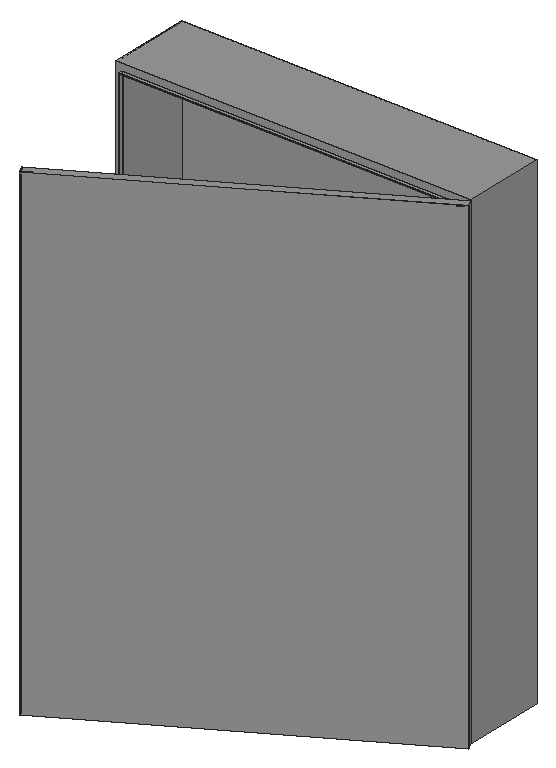
Revit family "Hager-Univers-IP44-D205-H1100-Cl.II-Encl-NoHosted-PL-pl", category Electrical Equipment, Revit 2020
Family settings
  Panel Configuration = Two Columns, Circuits Across
  Round Connector Dimension = Use Diameter
  Part Type = Panelboard
  Work Plane-Based = Yes
  Always vertical = Yes
  Cut with Voids When Loaded = No
  Shared = No
  Room Calculation Point = No
Parameters (values of type "Montaż natynkowy IP44 S800 W1100 G205  - FP73SN2")
  Width Control [instance] = if([EF000008 - Szerokość] > Min Width, [EF000008 - Szerokość], Min Width)  # 800 mm
  Type Comments = [HG000003 - Zakres]  # "Univers"
  Thickness Door [instance] = if([EF009171 - Drzwi/pokrywa z materiału o wysokiej wytrzymałości mechanicznej] > 3 mm, 3 mm, [EF009171 - Drzwi/pokrywa z materiału o wysokiej wytrzymałości mechanicznej])  # 1 mm
  Seal Frame Offset [instance] = 17 mm  # constant formula
  Plinth Visibility [instance] = [HG000027 - Wysokość cokołu] > 0 mm  # no
  Min Width [instance] = 100 mm  # constant formula
  Min Depth [instance] = (2 * [EF009170 - Obudowa z materiału o wysokiej wytrzymałości mechanicznej]) + 1 mm  # 3 mm
  Min Height [instance] = 100 mm  # constant formula
  Internal Frame Depth [instance] = (Door System Depth * 0.5)  # 9 mm
  Panel Name [instance] = ""  # (empty or 0)
  Model = ""
  HG000027 - Wysokość cokołu = 0 mm
  HG000026 - Stojąca = no
  HG000024 - Wysokość części dolnej = 600 mm
  HG000023 - Obudowa dwusekcyjna = no
  HG000016 - Widoczność drzwi w widoku 3D [instance] = yes
  HG000015 - Przestrzeń robocza - otwarcie drzwi [instance] = no
  HG000014 - Drzwi prawe [instance] = yes
  HG000013 - Drzwi lewe [instance] = not([HG000014 - Drzwi prawe])  # no
  HG000012 - Kąt otwarcia drzwi [instance] = 30.00°
  HG000010 - Drzwi asymetryczne = no
  HG000009 - Drzwi dwuskrzydłowe = no
  HG000006 - Montaż podtynkowy = no
  HG000004 - Referencja producenta = "FP73SN2"
  HG000003 - Zakres = "Univers"
  HG000002 - Z drzwiami lub pokrywą = yes
  Frame Offset Bottom [instance] = 10 mm  # constant formula
  Frame Offset [instance] = 15 mm  # constant formula
  EF015940 - Pokrywa z wyzwalaczem nadciśnieniowym = no
  EF011959 - Stopień ochrony (NEMA) = ""
  EF009554 - Liczba otworów pod flansze = 6
  EF009212 - Wykonanie pokrywy = "EV000116 - Zamknięty"
  EF009171 - Drzwi/pokrywa z materiału o wysokiej wytrzymałości mechanicznej = 1 mm
  EF009170 - Obudowa z materiału o wysokiej wytrzymałości mechanicznej = 1 mm
  EF008873 - Prąd znamionowy (In) = 250 A
  EF007800 - Do ochrony odgromowej = no
  EF006306 - Z zamkiem = no
  EF006244 - Transparentna pokrywa/drzwi = no
  EF005474 - Stopień ochrony (IP) = "EV006418 - IP44"
  EF004464 - Rodzaj drzwi = "EV002646 - Pojedynczy"
  EF004427 - Liczba modułów = 252
  EF004293 - Odporność udarowa = "EV006815 - IK09"
  EF003532 - Do zastosowań zewnętrznych = no
  EF002950 - Szerokość wyrażona liczbą modułów = 36
  EF001613 - Podtrzymanie funkcji = "EV000494 - Brak"
  EF001596 - Materiał obudowy = "EV000179 - Stal"
  EF001131 - Głębokość wewnętrzna = 143 mm
  EF001088 - Możliwość rozbudowy = yes
  EF000437 - Liczba wejść kablowych = 6
  EF000339 - Rodzaj pokrywy = "EV001012 - Pokrywa"
  EF000266 - Liczba rzędów = 7
  EF000218 - Głębokość wbudowania = 205 mm
  EF000118 - Z płytą montażową = no
  EF000116 - Numer RAL = "9010"
  EF000049 - Głębokość = 205 mm
  EF000040 - Wysokość = 1100 mm
  EF000008 - Szerokość = 800 mm
  EF000007 - Kolor = "EV000202 - Biały"
  EF000003 - Sposób montażu = "EV000384 - Montaż natynkowy"
  Door System Leaf Tolerance [instance] = 1.5 mm  # constant formula
  Door System Depth [instance] = 18 mm  # constant formula
  Door Height [instance] = Height Control - [HG000027 - Wysokość cokołu]  # 1100 mm
  Description = ""
  Default Elevation = 1219.2 mm
  Connector Offset [instance] = Height Control / 2  # 550 mm
  Manufacturer = "Hager"  # constant formula
  Height Control [instance] = if([EF000040 - Wysokość] > Min Height, [EF000040 - Wysokość], Min Height)  # 1100 mm
  Depth Control [instance] = if([EF000049 - Głębokość] > Min Depth, [EF000049 - Głębokość], Min Depth)  # 205 mm
  Bottom Top Plate Trim [instance] = 1.5 mm  # constant formula
  Plinth height Ctrl [instance] = if([HG000027 - Wysokość cokołu] > 0 mm, [HG000027 - Wysokość cokołu], 12 mm)  # 12 mm
Types (5, lengths in mm): name | Width Control | HG000010 - Drzwi asymetryczne | HG000009 - Drzwi dwuskrzydłowe | HG000004 - Referencja producenta | EF009554 - Liczba otworów pod flansze | EF004464 - Rodzaj drzwi | EF004427 - Liczba modułów | EF002950 - Szerokość wyrażona liczbą modułów | EF000437 - Liczba wejść kablowych | EF000008 - Szerokość
  Montaż natynkowy IP44 S1050 W1100 G205  - FP74SN2 | 1050 | no | yes | "FP74SN2" | 8 | "EV003602 - Podwójny" | 336 | 48 | 8 | 1050
  Montaż natynkowy IP44 S1300 W1100 G205  - FP75SN2 | 1300 | yes | yes | "FP75SN2" | 10 | "EV003602 - Podwójny" | 420 | 60 | 10 | 1300
  Montaż natynkowy IP44 S300 W1100 G205  - FP71SN2 | 300 | no | no | "FP71SN2" | 2 | "EV002646 - Pojedynczy" | 84 | 12 | 2 | 300
  Montaż natynkowy IP44 S550 W1100 G205  - FP72SN2 | 550 | no | no | "FP72SN2" | 4 | "EV002646 - Pojedynczy" | 168 | 24 | 4 | 550
  Montaż natynkowy IP44 S800 W1100 G205  - FP73SN2 | 800 | no | no | "FP73SN2" | 6 | "EV002646 - Pojedynczy" | 252 | 36 | 6 | 800
Reference planes
  plane 1 "Center (Front/Back)": y = 0
  plane 2: z = 0
  plane 3 "Center (Left/Right)": x = 0
  plane 4: y = 0
  plane 5: y = 0
  plane 6: z = 0
  plane 7: x = -400
  plane 8: x = 400
  plane 9: x = 399
  plane 10: x = -399
  plane 11: z = 0
  plane 12: z = 1
  plane 13: y = -205
  plane 14: y = -1
  plane 15: x = 0
  plane 16: y = -187
  plane 17: y = -204
  plane 18: y = -186
  plane 19: x = -384
  plane 20: x = 384
  plane 21: z = 11
  plane 22: x = -383
  plane 23: x = 383
  plane 24: z = 0
  plane 25: z = 1100
  plane 26: z = 1100
  plane 27: z = 1084
  plane 28: z = 1099
Forms (mm)
  Extrusion 1, solid, material "Hager_Steel_RAL7035_Light_Grey", detail levels medium+fine
    sketch origin (-208.679, -4572, 0) x (-1, 0, 0) y (0, -1, 0)
      loop
        line (191.321, -4385) -> (-608.679, -4385) -> (-608.679, -4572) -> (191.321, -4572) -> (191.321, -4385)
    from 0 to 1100
  Extrusion 2, void
    sketch origin (-350.771, -205, 1219.2) x (1, 0, 0) y (0, 0, 1)
      loop
        line (-48.229, -120.2) -> (-48.229, -1218.2) -> (749.771, -1218.2) -> (749.771, -120.2) -> (-48.229, -120.2)
    from -19 to -204
  Extrusion 3, void
    sketch origin (-290.084, -187, 1219.2) x (1, 0, 0) y (0, 0, 1)
      loop
        line (-93.916, -1208.2) -> (674.084, -1208.2) -> (674.084, -135.2) -> (-93.916, -135.2) -> (-93.916, -1208.2)
    from 0 to -1
  Extrusion 4, solid, material "Hager_Steel_RAL7035_Light_Grey", visible <- "Plinth Visibility", detail levels medium+fine
    sketch origin (0, 0, 0) x (1, 0, 0) y (0, 1, 0)
      loop
        line (-400, 0) -> (-400, -187) -> (400, -187) -> (400, 0) -> (-400, 0)
    from 0 to 12 <- "Plinth height Ctrl"
  Extrusion 5, solid, material "Hager_Steel_RAL7035_Light_Grey", detail levels coarse
    sketch origin (0, 0, 0) x (1, 0, 0) y (0, 1, 0)
      loop
        line (-400, 0) -> (-400, -205) -> (400, -205) -> (400, 0) -> (-400, 0)
    from 0 to 1100 <- "Height Control"
  Sweep 6, void
    path in 3D
      loop
        line (-400, -187, 12) -> (400, -187, 12) -> (400, 0, 12) -> (-400, 0, 12) -> (-400, -187, 12)
    profile origin (-400, -93.5, 12) x (1, 0, 0) y (0, 0, 1)
      loop
        line (0, 0) -> (0, -1.5) -> (1.5, -1.5)
        arc (1.5, -1.5) -> (1.061, -0.439) -> (0, 0) r 1.5
  Extrusion 7, solid, material "Hager_Steel_RAL7035_Light_Grey", detail levels fine
    sketch origin (-400, -187, 0) x (1, 0, 0) y (0, 0, 1)
      loop
        line (16, 11) -> (784, 11) -> (784, 1084) -> (16, 1084) -> (16, 11)
      loop
        line (15, 10) -> (785, 10) -> (785, 1085) -> (15, 1085) -> (15, 10)
    from 0 to 9 <- "Internal Frame Depth"
Cuts and joins
  Extrusion 2, Extrusion 3 cuts Extrusion 1
  Sweep 6 cuts Extrusion 4
Lines and regions (mm)
  Masking region 1
    outline origin (0, 0, 0) x (1, 0, 0) y (0, 1, 0)
      loop
        line (-400, 0) -> (-400, -205) -> (400, -205) -> (400, 0) -> (-400, 0)
  Masking region 2, detail levels coarse
    outline origin (-290.084, -187, 1219.2) x (-1, 0, 0) y (0, 0, 1)
      loop
        line (-690.084, -1219.2) -> (109.916, -1219.2) -> (109.916, -119.2) -> (-690.084, -119.2) -> (-690.084, -1219.2)
  Masking region 3, detail levels coarse
    outline origin (0, 0, 0) x (0, 1, 0) y (0, 0, 1)
      loop
        line (0, 0) -> (0, 1100) -> (-205, 1100) -> (-205, 0) -> (0, 0)
  Masking region 4, visible <- "Plinth Visibility", detail levels medium+fine
    outline origin (0, 0, 0) x (0, 1, 0) y (0, 0, 1)
      loop
        line (-1.5, 12) -> (-185.5, 12)
        arc (-185.5, 12) -> (-185.939, 10.939) -> (-187, 10.5) r 1.5
        line (-187, 10.5) -> (-187, 0) -> (0, 0) -> (0, 10.5)
        arc (0, 10.5) -> (-1.061, 10.939) -> (-1.5, 12) r 1.5
  Masking region 5, detail levels medium+fine
    outline origin (0, 0, 594.038) x (0, 1, 0) y (0, 0, 1)
      loop
        line (0, -594.038) -> (0, 505.962) -> (-187, 505.962) -> (-187, -594.038) -> (0, -594.038)
  Masking region 6, detail levels medium+fine
    outline origin (-359.7, -187, 1211.883) x (-1, 0, 0) y (0, 0, 1)
      loop
        line (-759.7, -1211.883) -> (40.3, -1211.883) -> (40.3, -111.883) -> (-759.7, -111.883) -> (-759.7, -1211.883)
  Masking region 7, visible <- "Plinth Visibility", detail levels medium+fine
    outline origin (-320.334, -187, 1041.368) x (-1, 0, 0) y (0, 0, 1)
      loop
        line (-720.334, -1041.368) -> (79.666, -1041.368) -> (79.666, -1030.868)
        arc (79.666, -1030.868) -> (78.606, -1030.429) -> (78.166, -1029.368) r 1.5
        line (78.166, -1029.368) -> (-718.834, -1029.368)
        arc (-718.834, -1029.368) -> (-719.273, -1030.429) -> (-720.334, -1030.868) r 1.5
        line (-720.334, -1030.868) -> (-720.334, -1041.368)
  sketch lines
    curve 1: line (-400, 0, 12) -> (-400, -187, 12)
    curve 2: line (-400, -187, 12) -> (400, -187, 12)
    curve 3: line (400, 0, 12) -> (-400, 0, 12)
    curve 4: line (400, -187, 12) -> (400, 0, 12)
Dimensions and locks
  locked: plane 1 "Center (Front/Back)" to plane 5
  "EF009170 - Obudowa z materiału o wysokiej wytrzymałości mechanicznej": plane 7 to plane 10
  "EF009170 - Obudowa z materiału o wysokiej wytrzymałości mechanicznej": plane 8 to plane 9
  equal spacing: plane 7, plane 3 "Center (Left/Right)", plane 8
  "Width Control": plane 7 to plane 8
  "Depth Control": plane 4 to plane 13
  "EF009170 - Obudowa z materiału o wysokiej wytrzymałości mechanicznej": plane 4 to plane 14
  "Height Control": plane 25 to level
  "HG000027 - Wysokość cokołu": plane 11 to level
  "EF009170 - Obudowa z materiału o wysokiej wytrzymałości mechanicznej": plane 12 to plane 11
  "EF009170 - Obudowa z materiału o wysokiej wytrzymałości mechanicznej": plane 17 to plane 13
  "EF009170 - Obudowa z materiału o wysokiej wytrzymałości mechanicznej": plane 18 to plane 16
  "Frame Offset Bottom": plane 21 to plane 12
  "Frame Offset": plane 10 to plane 19
  "Frame Offset": plane 9 to plane 20
  "Door System Depth": plane 16 to plane 13
  "Seal Frame Offset": plane 7 to plane 22
  "Seal Frame Offset": plane 8 to plane 23
  "EF009170 - Obudowa z materiału o wysokiej wytrzymałości mechanicznej": plane 26 to plane 28
  "Frame Offset": plane 28 to plane 27
  "Connector Offset": plane 2 to connector elem
  "Bottom Top Plate Trim": profile plane to Sweep 6 sketch curve
  "Bottom Top Plate Trim": Sweep 6 sketch curve to Sweep 6 sketch curve
  "Plinth height Ctrl": Masking region 4 sketch curve to level
  "Plinth height Ctrl": Masking region 7 sketch curve to level
  "Thickness Door": Extrusion 7 sketch curve to Extrusion 7 sketch curve  (x4)
  "Bottom Top Plate Trim": radius of Sweep 6 sketch curve
  "Bottom Top Plate Trim": radius of Masking region 4 sketch curve  (x2)
  "Bottom Top Plate Trim": radius of Masking region 7 sketch curve  (x2)
  aligned and locked: Extrusion 2 sketch curve to plane 12
  aligned and locked: Extrusion 2 sketch curve to plane 9
  aligned and locked: Extrusion 2 sketch curve to plane 10
  aligned and locked: Extrusion 2 to plane 14
  aligned and locked: Extrusion 1 sketch curve to plane 4
  aligned and locked: plane 8 to Extrusion 1 sketch curve
  aligned and locked: plane 7 to Extrusion 1 sketch curve
  aligned and locked: Extrusion 2 to plane 18
  aligned and locked: Extrusion 3 sketch curve to plane 19
  aligned and locked: plane 20 to Extrusion 3 sketch curve
  aligned and locked: Extrusion 3 to Extrusion 2
  aligned and locked: Extrusion 3 sketch curve to plane 21
  aligned and locked: plane 3 "Center (Left/Right)" to nested 1
  aligned and locked: Extrusion 1 sketch curve to plane 16
  aligned and locked: Extrusion 4 sketch curve to cut or joined group of Extrusion 1, Extrusion 2, Extrusion 3
  aligned and locked: Masking region 1 sketch curve to plane 7
  aligned and locked: Masking region 1 sketch curve to plane 5
  aligned and locked: Masking region 1 sketch curve to plane 8
  aligned and locked: Masking region 2 sketch curve to level
  aligned and locked: level to Masking region 3 sketch curve
  aligned and locked: plane 1 "Center (Front/Back)" to Masking region 3 sketch curve
  aligned and locked: plane 13 to Masking region 3 sketch curve
  aligned and locked: plane 5 to Masking region 4 sketch curve
  aligned and locked: Masking region 2 sketch curve to plane 8
  aligned and locked: Masking region 2 sketch curve to plane 7
  aligned and locked: plane 7 to nested 2
  aligned and locked: nested 2 to plane 5
  aligned and locked: plane 5 to Masking region 5 sketch curve
  aligned and locked: plane 26 to Masking region 5 sketch curve
  aligned and locked: Extrusion 5 sketch curve to plane 8
  aligned and locked: Extrusion 5 sketch curve to plane 7
  aligned and locked: Extrusion 5 sketch curve to plane 5
  aligned and locked: Extrusion 3 sketch curve to plane 27
  aligned and locked: Extrusion 2 sketch curve to plane 28
  aligned and locked: Masking region 2 to plane 25
  aligned and locked: Extrusion 4 to plane 16
  aligned and locked: profile plane to Sweep 6 sketch curve
  aligned and locked: Masking region 5 sketch curve to plane 24
  aligned and locked: level to Masking region 4 sketch curve
  aligned and locked: Masking region 1 to plane 13
  aligned and locked: nested 1 to plane 16
  aligned and locked: Masking region 3 to plane 25
  aligned and locked: plane 16 to Masking region 4 sketch curve
  aligned and locked: Masking region 5 sketch curve to plane 16
  aligned and locked: plane 24 to plane 11
  aligned and locked: plane 26 to plane 25
  aligned and locked: plane 26 to cut or joined group of Extrusion 1, Extrusion 2, Extrusion 3
  aligned and locked: nested 1 to plane 24
  aligned and locked: Extrusion 1 to Extrusion 3
  aligned and locked: Masking region 6 sketch curve to plane 8
  aligned and locked: Masking region 6 sketch curve to plane 24
  aligned and locked: Masking region 6 sketch curve to plane 7
  aligned and locked: Masking region 6 sketch curve to plane 26
  aligned and locked: Masking region 7 sketch curve to plane 7
  aligned and locked: level to Masking region 7 sketch curve
  aligned and locked: Masking region 7 sketch curve to plane 8
  aligned and locked: Extrusion 7 sketch curve to cut or joined group of Extrusion 1, Extrusion 2, Extrusion 3  (x4)
Automatic sketch dimensions
  plane 19 to Extrusion 3 sketch curve = 0 mm
  Extrusion 3 sketch curve to plane 20 = 0 mm
  Extrusion 3 sketch curve to plane 21 = 0 mm
  Extrusion 4 sketch curve to plane 7 = 0 mm
  Extrusion 4 sketch curve to plane 8 = 0 mm
  Extrusion 4 sketch curve to plane 16 = 0 mm
  Masking region 1 sketch curve to plane 13 = 0 mm
  Masking region 2 sketch curve to plane 25 = 0 mm
  Masking region 3 sketch curve to plane 25 = 0 mm
  Extrusion 5 sketch curve to plane 13 = 0 mm
  profile plane to Sweep 6 sketch curve = 0 mm
Nested families
  nested 1: "EC000058_Univers_Door" at (0, -187, 0), Double <- "HG000009 - Drzwi dwuskrzydłowe", Transparent <- "EF006244 - Transparentna pokrywa/drzwi", Angle <- "HG000012 - Kąt otwarcia drzwi", Door_Right <- "HG000014 - Drzwi prawe", Assymetrical <- "HG000010 - Drzwi asymetryczne", Door <- "HG000002 - Z drzwiami lub pokrywą", Width_Ctrl <- "Width Control", 3d_Door <- "HG000016 - Widoczność drzwi w widoku 3D", Clearance <- "HG000015 - Przestrzeń robocza - otwarcie drzwi", Door_Left <- "HG000013 - Drzwi lewe", Width <- "Width Control", Door_Depth <- "Door System Depth", Leaf_Tolerance <- "Door System Leaf Tolerance", Height <- "Door Height", Lock_Visibility <- "EF006306 - Z zamkiem", Thickness <- "Thickness Door", type "EC000058_Univers_Door", detail levels medium+fine
    with min_wh 3 mm, Width_Ctrl 800 mm, Width 800 mm, Transparent no, Thickness 1 mm, Seal_Material Hager_Rubber, Lock_Visibility no, Lock_Material Hager_Plastic_RAL9005_Jet_Black, Leaf_Width 800 mm, Leaf_Tolerance_External_Sides 0 mm, Leaf_Tolerance 1.5 mm, Leaf_Offset 0 mm, Leaf_Height 1097 mm, Leaf_2_Width 800 mm, Leaf_2_Offset 400 mm, Leaf_1_Width 800 mm, Leaf_1_Offset 400 mm, Height_Ctrl 1100 mm, Height 1100 mm, Glass_Material Hager_Glass, Double_Clearance_Ctrl no, Double no, Door_Right_Ctrl yes, Door_Right yes, Door_Material Hager_Steel_RAL7035_Light_Grey, Door_Left_Ctrl no, Door_Left no, Door_Depth 18 mm, Door yes, Clearance_Material Hager_Clearance, Clearance_Depth 800 mm, Clearance_Ctrl no, Clearance no, Assymetrical no, Angle 30.00°, 3d_Door yes
  nested 2: "Hager_Enclosure_Symbol" at (-400, 0, 0), Height <- "Depth Control", Width <- "Width Control", type "Hager_Enclosure_Symbol"
    with Width_Ctrl 800 mm, Width 800 mm, Height_Ctrl 205 mm, Height 205 mm, A_Width_Int 13.453 mm, A_Width 161.438 mm, A_Height_Ctrl 179.375 mm, A_Height 179.375 mm
Connectors
  electrical at (0, 0, 550)
    settings: on plane 1 "Center (Front/Back)", index 1, voltage 0 V, apparent load 0 VA, apparent load phase1 0 VA, apparent load phase2 0 VA, apparent load phase3 0 VA, power factor 1, load classification "Other", number of poles 1, system type 30, power factor state 1, is connector primary yes, connector utility no, sub classification motor no, connector description ""
Definition of nested family "EC000058_Univers_Door"
  Parameters (values of type "EC000058_Univers_Door")
    min_wh [instance] = (2 * Thickness) + 1 mm  # 11 mm
    Width_Ctrl [instance] = 400 mm
    Width [instance] = 500 mm
    Transparent [instance] = yes
    Thickness [instance] = 5 mm
    Seal_Material [instance] = none
    Lock_Visibility [instance] = yes
    Lock_Material [instance] = none
    Leaf_Width [instance] = if((Width_Ctrl - 2 * Leaf_Tolerance_External_Sides) > 0 mm, (Width_Ctrl - 2 * Leaf_Tolerance_External_Sides), min_wh)  # 400 mm
    Leaf_Tolerance_External_Sides [instance] = 0 mm  # constant formula
    Leaf_Tolerance [instance] = 1.5 mm
    Leaf_Offset [instance] = 0 mm  # constant formula
    Leaf_Height [instance] = if((Height_Ctrl - 2 * Leaf_Tolerance) > 0 mm, (Height_Ctrl - 2 * Leaf_Tolerance), min_wh)  # 497 mm
    Leaf_2_Width [instance] = if(and(and(Double, Assymetrical), Door_Left), (Leaf_Width / 3) - (Leaf_Tolerance / 2), if(and(and(Double, Assymetrical), Door_Right), (Leaf_Width / 3) * 2 - (Leaf_Tolerance / 2), if(and(Double, not(Assymetrical)), (Leaf_Width / 2) - Leaf_Tolerance, Leaf_Width)))  # 400 mm
    Leaf_2_Offset [instance] = if(and(Double, Assymetrical), Leaf_2_Width / 2, if(and(Double, not(Assymetrical)), Leaf_Width / 4, Leaf_Width / 2))  # 200 mm
    Leaf_1_Width [instance] = if(and(and(Double, Assymetrical), Door_Right), (Leaf_Width / 3) - (Leaf_Tolerance / 2), if(and(and(Double, Assymetrical), Door_Left), (Width / 3) * 2 - (Leaf_Tolerance / 2), if(and(Double, not(Assymetrical)), (Leaf_Width / 2) - Leaf_Tolerance, Leaf_Width)))  # 400 mm
    Leaf_1_Offset [instance] = if(and(Double, Assymetrical), Leaf_1_Width / 2, if(and(Double, not(Assymetrical)), Leaf_Width / 4, Leaf_Width / 2))  # 200 mm
    Height_Ctrl [instance] = if(Height > min_wh, Height, min_wh)  # 500 mm
    Height [instance] = 500 mm
    Glass_Material [instance] = none
    Double_Clearance_Ctrl [instance] = and(Double, Clearance)  # no
    Double [instance] = no
    Door_Right_Ctrl [instance] = and(or(Door_Right, Double), Door)  # yes
    Door_Right [instance] = yes
    Door_Material [instance] = none
    Door_Left_Ctrl [instance] = and(or(Door_Left, Double), Door)  # no
    Door_Left [instance] = no
    Door_Depth [instance] = 30 mm
    Door [instance] = yes
    Default Elevation = 1219.2 mm
    Clearance_Material [instance] = none
    Clearance_Depth [instance] = if(Leaf_1_Width > Leaf_2_Width, Leaf_1_Width, Leaf_2_Width)  # 400 mm
    Clearance_Ctrl [instance] = and(not(Double), Clearance)  # yes
    Clearance [instance] = yes
    Assymetrical [instance] = yes
    Angle [instance] = 30.00°
    3d_Door [instance] = yes
  Reference planes
    plane 1 "Center (Front/Back)": y = 0
    plane 2 "Bottom": z = 0
    plane 3 "Center (Left/Right)": x = 0
    plane 4: z = 500
    plane 5: x = -200
    plane 6: x = 200
    plane 7: z = 500
    plane 8: x = -200
    plane 9: z = 0
    plane 10: x = 200
    plane 11: y = 0
    plane 12: z = 1.5
    plane 13: x = -600
    plane 14: y = -400
    plane 15: x = 600
    plane 16: x = 0
    plane 17: x = 0
    plane 18: x = -200
    plane 19: x = 200
    plane 20: z = 498.5
  Forms (mm)
    Extrusion 1, solid, material <- "Clearance_Material", visible <- "Double_Clearance_Ctrl"
      sketch origin (1200, 0, 0) x (1, 0, 0) y (0, 0, -1)
        loop
          line (-1800, -498.5) -> (-600, -498.5) -> (-600, 0) -> (-1800, 0) -> (-1800, -498.5)
      from 0 to -400
  Dimensions and locks
    equal spacing: plane 5, plane 3 "Center (Left/Right)", plane 6
    "Width_Ctrl": plane 5 to plane 6
    "Leaf_Offset": plane 5 to plane 8
    "Leaf_Offset": plane 6 to plane 10
    "Leaf_Offset": plane 9 to level
    "Leaf_Offset": plane 4 to plane 7
    "Height_Ctrl": plane 4 to level
    "Leaf_Tolerance": plane 12 to plane 9
    locked: plane 11 to plane 1 "Center (Front/Back)"
    "Leaf_1_Offset": plane 18 to plane 16
    "Leaf_2_Offset": plane 17 to plane 19
    "Leaf_1_Width": plane 13 to plane 8
    "Leaf_2_Width": plane 10 to plane 15
    "Clearance_Depth": plane 14 to plane 1 "Center (Front/Back)"
    "Leaf_Tolerance_External_Sides": plane 8 to plane 18
    "Leaf_Tolerance_External_Sides": plane 19 to plane 10
    "Leaf_Tolerance": plane 7 to plane 20
    aligned and locked: level to plane 2 "Bottom"
    aligned and locked: nested 1 to plane 16
    aligned and locked: nested 2 to plane 17
    aligned and locked: Extrusion 1 to plane 13
    aligned and locked: plane 15 to Extrusion 1
    aligned and locked: Extrusion 1 to plane 14
    aligned and locked: plane 12 to nested 1
    aligned and locked: nested 2 to plane 12
    aligned and locked: Extrusion 1 to plane 11
    aligned and locked: plane 20 to Extrusion 1
    aligned and locked: nested 2 to plane 11
    aligned and locked: nested 1 to plane 11
  Automatic sketch dimensions
    Extrusion 1 sketch curve to level = 0 mm
    plane 5 to Extrusion 1 sketch curve = 400 mm
    plane 6 to Extrusion 1 sketch curve = 400 mm
    Extrusion 1 sketch curve to plane 4 = 1.5 mm
  Nested families
    nested 1: "EC000058_Univers_Door_Leaf" at (0, 0, 1.5), Width <- "Leaf_1_Width", visible <- "Door_Left_Ctrl", Leaf_Height <- "Leaf_Height", Angle <- "Angle", 3d_Door <- "3d_Door", Transparent <- "Transparent", Clearance Material <- "Clearance_Material", Clearance <- "Clearance_Ctrl", Door_Material <- "Door_Material", Glass_Material <- "Glass_Material", Door_Depth <- "Door_Depth", Lock_Material <- "Lock_Material", Seal_Material <- "Seal_Material", Lock_Visibility <- "Lock_Visibility", Thickness <- "Thickness", type "EC000058_Univers_Door_Leaf"
      with Width 400 mm, Transparent_Glass_Offset 30 mm, Transparent_Ctrl yes, Transparent yes, Thickness 5 mm, Standard no, Seal_Material none, Seal_D2 8 mm, Seal_D1 1 mm, Offset_Internal_Frame 10 mm, Lock_Width 20 mm, Lock_Visibility_3d yes, Lock_Visibility yes, Lock_Thickness_3 3 mm, Lock_Thickness_2 1 mm, Lock_Thickness_1 3 mm, Lock_Radius_Offset_2 16 mm, Lock_Radius_Offset_1 15 mm, Lock_Radius_2 5 mm, Lock_Radius 6 mm, Lock_Offset 5 mm, Lock_Material none, Lock_Height 80 mm, Lock_Cover_Top_Offset_2d 17 mm, Lock_Cover_Height -65 mm, Leaf_Height 497 mm, Internal_Seal_Thickness 8 mm, Internal_Seal_Depth_2 4.5 mm, Internal_Frame_Depth 25 mm, Glass_Thickness -1 mm, Glass_Offset -2 mm, Glass_Material none, Door_Material none, Door_Depth 30 mm, Clearance Material none, Clearance yes, Angle_Ctrl 30.00°, Angle 30.00°, 3d_Door yes
    nested 2: "EC000058_Univers_Door_Leaf" at (0, 0, 1.5) x (-1, 0, 0) z (0, 0, 1), Width <- "Leaf_2_Width", visible <- "Door_Right_Ctrl", Leaf_Height <- "Leaf_Height", Angle <- "Angle", 3d_Door <- "3d_Door", Transparent <- "Transparent", Clearance Material <- "Clearance_Material", Clearance <- "Clearance_Ctrl", Door_Material <- "Door_Material", Glass_Material <- "Glass_Material", Door_Depth <- "Door_Depth", Lock_Material <- "Lock_Material", Seal_Material <- "Seal_Material", Lock_Visibility <- "Lock_Visibility", Thickness <- "Thickness", type "EC000058_Univers_Door_Leaf"
      with Width 400 mm, Transparent_Glass_Offset 30 mm, Transparent_Ctrl yes, Transparent yes, Thickness 5 mm, Standard no, Seal_Material none, Seal_D2 8 mm, Seal_D1 1 mm, Offset_Internal_Frame 10 mm, Lock_Width 20 mm, Lock_Visibility_3d yes, Lock_Visibility yes, Lock_Thickness_3 3 mm, Lock_Thickness_2 1 mm, Lock_Thickness_1 3 mm, Lock_Radius_Offset_2 16 mm, Lock_Radius_Offset_1 15 mm, Lock_Radius_2 5 mm, Lock_Radius 6 mm, Lock_Offset 5 mm, Lock_Material none, Lock_Height 80 mm, Lock_Cover_Top_Offset_2d 17 mm, Lock_Cover_Height -65 mm, Leaf_Height 497 mm, Internal_Seal_Thickness 8 mm, Internal_Seal_Depth_2 4.5 mm, Internal_Frame_Depth 25 mm, Glass_Thickness -1 mm, Glass_Offset -2 mm, Glass_Material none, Door_Material none, Door_Depth 30 mm, Clearance Material none, Clearance yes, Angle_Ctrl 30.00°, Angle 30.00°, 3d_Door yes
  Definition of nested family "EC000058_Univers_Door_Leaf"
    Parameters (values of type "EC000058_Univers_Door_Leaf")
      Width [instance] = 2000 mm
      Transparent_Glass_Offset [instance] = 30 mm
      Transparent_Ctrl [instance] = and(Transparent, [3d_Door])  # yes
      Transparent [instance] = yes
      Thickness [instance] = 5 mm
      Standard [instance] = and(not(Transparent), [3d_Door])  # no
      Seal_Material [instance] = none
      Seal_D2 [instance] = 8 mm  # constant formula
      Seal_D1 [instance] = 1 mm  # constant formula
      Offset_Internal_Frame [instance] = 10 mm  # constant formula
      Lock_Width [instance] = 20 mm  # constant formula
      Lock_Visibility_3d [instance] = and(Lock_Visibility, [3d_Door])  # yes
      Lock_Visibility [instance] = yes
      Lock_Thickness_3 [instance] = 3 mm  # constant formula
      Lock_Thickness_2 [instance] = 1 mm  # constant formula
      Lock_Thickness_1 [instance] = 3 mm  # constant formula
      Lock_Radius_Offset_2 [instance] = Lock_Radius_Offset_1 + 1 mm  # 16 mm
      Lock_Radius_Offset_1 [instance] = 15 mm  # constant formula
      Lock_Radius_2 [instance] = Lock_Radius - 1 mm  # 5 mm
      Lock_Radius [instance] = 6 mm  # constant formula
      Lock_Offset [instance] = 5 mm  # constant formula
      Lock_Material [instance] = none
      Lock_Height [instance] = 80 mm  # constant formula
      Lock_Cover_Top_Offset_2d [instance] = Lock_Radius_Offset_2 + 1 mm  # 17 mm
      Lock_Cover_Height [instance] = -(Lock_Height - Lock_Radius_Offset_1)  # -65 mm
      Leaf_Height [instance] = 2720.336 mm
      Internal_Seal_Thickness [instance] = 8 mm  # constant formula
      Internal_Seal_Depth_2 [instance] = 4.5 mm  # constant formula
      Internal_Frame_Depth [instance] = if(Door_Depth - Thickness > 5 mm, Door_Depth - Thickness, 5 mm)  # 25 mm
      Glass_Thickness [instance] = if(Thickness > 15 mm, Glass_Offset + 10 mm, -1 mm)  # -1 mm
      Glass_Offset [instance] = if(Thickness > 15 mm, -(Thickness + 10 mm) / 2, -2 mm)  # -2 mm
      Glass_Material [instance] = none
      Door_Material [instance] = none
      Door_Depth [instance] = 30 mm
      Default Elevation = 0 mm
      Clearance Material [instance] = none
      Clearance [instance] = yes
      Angle_Ctrl [instance] = if(Angle > 180.00°, 180.00°, Angle)  # 90.00°
      Angle [instance] = 90.00°
      3d_Door [instance] = yes
    Reference planes
      plane 1 "Center (Front/Back)": y = 0
      plane 2: z = 0
      plane 3 "Center (Left/Right)": x = 0
      plane 4: y = 2000
      plane 5: x = -1000
      plane 6: x = 1000
      plane 7: x = -3000
      plane 8: z = 2720.336
      plane 9: z = 30
      plane 10: z = 2690.336
      plane 11: x = 970
      plane 12: x = -970
      plane 13: y = -3
      plane 14: z = 107.833
      plane 15: y = -5
      plane 16: y = -223.314
      plane 17: x = -1000
      plane 18: z = 1360.168
      plane 19: y = 30
    Forms (mm)
      Extrusion 1, solid, material <- "Clearance Material", visible <- "Clearance"
        sketch origin (0, 0, 0) x (1, 0, 0) y (0, 0, 1)
          loop
            line (-3000, 2720.336) -> (-3000, 0) -> (1000, 0) -> (1000, 2720.336) -> (-3000, 2720.336)
        from 0 to -2000
      Extrusion 2, solid, material <- "Door_Material", visible <- "Standard", detail levels medium+fine
        sketch origin (-1000, 0, 0) x (0, 1, 0) y (-1, 0, 0)
          loop
            line (0, 30) -> (0, 25) -> (2000, 25) -> (2000, 30) -> (0, 30)
        from 0 to 2720.336 <- "Leaf_Height"
      Extrusion 3, solid, material <- "Door_Material", visible <- "Transparent_Ctrl", detail levels medium+fine
        sketch origin (-1000, 0, 0) x (0, 1, 0) y (-1, 0, 0)
          loop
            line (0, 25) -> (2000, 25) -> (2000, 30) -> (0, 30) -> (0, 25)
        from 0 to 2720.336 <- "Leaf_Height"
      Extrusion 4, void
        sketch origin (-1025, 2000, 0) x (0, 1, 0) y (0, 0, -1)
          loop
            line (-30, -2690.336) -> (-30, -30) -> (-1970, -30) -> (-1970, -2690.336) -> (-30, -2690.336)
        from 0 to 5 <- "Thickness"
      Sweep 5, solid, material <- "Seal_Material", visible <- "Transparent_Ctrl", detail levels fine
        path in 3D
          loop
            line (-1025, 30, 30) -> (-1025, 30, 2690.336) -> (-1025, 1970, 2690.336) -> (-1025, 1970, 30) -> (-1025, 30, 30)
        profile origin (-1025, 1000, 30) x (1, 0, 0) y (0, 0, 1)
          loop
            line (0, 0) -> (0, -8) -> (1, -8) -> (1, 0) -> (0, 0)
      Extrusion 6, solid, material <- "Glass_Material", visible <- "Transparent_Ctrl", detail levels medium+fine
        sketch origin (-1030, 0, 0) x (0, 1, 0) y (0, 0, -1)
          loop
            line (1970, -2690.336) -> (1970, -30) -> (30, -30) -> (30, -2690.336) -> (1970, -2690.336)
        from -2 <- "Glass_Offset" to -1 <- "Glass_Thickness"
      Extrusion 7, solid, material <- "Door_Material", visible <- "3d_Door", detail levels medium+fine
        sketch origin (-1025, 2000, 0) x (0, -1, 0) y (0, 0, -1)
          loop
            line (0, -2720.336) -> (2000, -2720.336) -> (2000, 0) -> (0, 0) -> (0, -2720.336)
          loop
            line (1995, -5) -> (5, -5) -> (5, -2715.336) -> (1995, -2715.336) -> (1995, -5)
        from 0 to 25 <- "Internal_Frame_Depth"
      Sweep 8, solid, material <- "Seal_Material", visible <- "Transparent_Ctrl", detail levels fine
        path in 3D
          loop
            line (-1025, 0, 0) -> (-1025, 2000, 0) -> (-1025, 2000, 2720.336) -> (-1025, 0, 2720.336) -> (-1025, 0, 0)
        profile origin (-1025, 0, 1360.168) x (1, 0, 0) y (0, 1, 0)
          loop
            line (0, 10) -> (2.975, 10)
            arc (2.975, 10) -> (4.053, 10.447) -> (4.5, 11.525) r 1.525
            line (4.5, 11.525) -> (4.5, 16.527)
            arc (4.5, 16.527) -> (4.069, 17.569) -> (3.027, 18) r 1.473
            line (3.027, 18) -> (0, 18) -> (0, 10)
      Extrusion 9, solid, material <- "Lock_Material", visible <- "Lock_Visibility_3d", detail levels fine
        sketch origin (-1030, 0, 0) x (0, 1, 0) y (0, 0, -1)
          loop
            arc (1993.5, -1400.168) -> (1994.561, -1399.729) -> (1995, -1398.668) r 1.5
            line (1995, -1398.668) -> (1995, -1320.168) -> (1975, -1320.168) -> (1975, -1398.668)
            arc (1975, -1398.668) -> (1975.439, -1399.729) -> (1976.5, -1400.168) r 1.5
            line (1976.5, -1400.168) -> (1993.5, -1400.168)
        from 3 <- "Lock_Thickness_1" to 0
      Blend 10, solid, material <- "Lock_Material", visible <- "Lock_Visibility_3d", detail levels fine
        base sketch origin (-1033, 0, 0) x (0, 1, 0) y (0, 0, -1)
          loop
            line (1975, -1320.168) -> (1975, -1398.668)
            arc (1975, -1398.668) -> (1975.439, -1399.729) -> (1976.5, -1400.168) r 1.5
            line (1976.5, -1400.168) -> (1993.5, -1400.168)
            arc (1993.5, -1400.168) -> (1994.561, -1399.729) -> (1995, -1398.668) r 1.5
            line (1995, -1398.668) -> (1995, -1320.168) -> (1975, -1320.168)
        top sketch origin (-1033, 0, 0) x (0, 1, 0) y (0, 0, -1)
          loop
            line (1976, -1320.168) -> (1976, -1398.668)
            arc (1976, -1398.668) -> (1976.146, -1399.022) -> (1976.5, -1399.168) r 0.5
            line (1976.5, -1399.168) -> (1993.5, -1399.168)
            arc (1993.5, -1399.168) -> (1993.854, -1399.022) -> (1994, -1398.668) r 0.5
            line (1994, -1398.668) -> (1994, -1320.168) -> (1976, -1320.168)
        from 0 to 1 <- "Lock_Thickness_2"
      Blend 11, solid, material <- "Lock_Material", visible <- "Lock_Visibility_3d", detail levels fine
        base sketch origin (-1034, 0, 0) x (0, 1, 0) y (0, 0, -1)
          loop
            line (1978, -1320.168) -> (1978, -1384.168)
            arc (1978, -1384.168) -> (1985, -1391.168) -> (1992, -1384.168) r 7
            line (1992, -1384.168) -> (1992, -1320.168) -> (1978, -1320.168)
        top sketch origin (-1034, 0, 0) x (0, 1, 0) y (0, 0, -1)
          loop
            line (1991, -1320.168) -> (1979, -1320.168) -> (1979, -1383.168)
            arc (1979, -1383.168) -> (1985, -1389.168) -> (1991, -1383.168) r 6
            line (1991, -1383.168) -> (1991, -1320.168)
        from 0 to 3 <- "Lock_Thickness_3"
      Extrusion 12, solid, material <- "Lock_Material", visible <- "Lock_Visibility_3d", detail levels fine
        sketch origin (-1030, 1975, 1320.168) x (1, 0, 0) y (0, -1, 0)
          loop
            line (-7, -19) -> (-7, -1) -> (0, -1) -> (0, 0) -> (-8, 0) -> (-8, -20) -> (0, -20) -> (0, -19) -> (-7, -19)
        from 0 to -65 <- "Lock_Cover_Height"
      Extrusion 13, void
        sketch origin (-1038, 1995, 1320.168) x (-1, 0, 0) y (0, 0, -1)
          loop
            line (-5, -65) -> (0, -65) -> (-5, -60) -> (-5, -65)
        from 0 to 20 <- "Lock_Width"
      Extrusion 14, void
        sketch origin (-1038, 1975, 1320.168) x (0, -1, 0) y (0, 0, -1)
          loop
            circle (-10, -15.995) r 6
          loop
            circle (-10, -15.995) r 5
        from 0 to 2
      Extrusion 15, solid, material <- "Lock_Material", visible <- "Lock_Visibility_3d", detail levels medium
        sketch origin (-1030, 0, 0) x (0, 1, 0) y (0, 0, -1)
          loop
            arc (1993.5, -1400.168) -> (1994.561, -1399.729) -> (1995, -1398.668) r 1.5
            line (1995, -1398.668) -> (1995, -1320.168) -> (1975, -1320.168) -> (1975, -1398.668)
            arc (1975, -1398.668) -> (1975.439, -1399.729) -> (1976.5, -1400.168) r 1.5
            line (1976.5, -1400.168) -> (1993.5, -1400.168)
        from 8 to 0
    Cuts and joins
      Extrusion 4 cuts Extrusion 3
      Extrusion 13, Extrusion 14 cuts Extrusion 9
      Extrusion 14 cuts Blend 11
      Extrusion 13, Extrusion 14 cuts Extrusion 12
      joined: Extrusion 9, Blend 10, Blend 11, Extrusion 12
      Extrusion 14 cuts Extrusion 15
    Lines and regions (mm)
      Masking region 1, visible <- "Lock_Visibility", detail levels fine
        outline origin (0, 0, 0) x (0, 1, 0) y (0, 0, 1)
          loop
            line (30, 1320.168) -> (33, 1320.168) -> (33, 1400.168) -> (30, 1400.168) -> (30, 1320.168)
      Masking region 2, visible <- "Lock_Visibility", detail levels fine
        outline origin (0, 3.143, 0) x (0, 1, 0) y (0, 0, 1)
          loop
            line (29.857, 1354.168) -> (30.857, 1354.168) -> (30.857, 1366.168) -> (29.857, 1366.168) -> (29.857, 1354.168)
      Masking region 3, detail levels medium+fine
        outline origin (0, 0, 0) x (0, 1, 0) y (0, 0, 1)
          loop
            line (0, 0) -> (30, 0) -> (30, 2720.336) -> (0, 2720.336) -> (0, 0)
      Masking region 4, detail levels medium+fine
        outline origin (0, 0, 0) x (1, 0, 0) y (0, 0, 1)
          loop
            line (-1000, 2720.336) -> (-1000, 0) -> (1000, 0) -> (1000, 2720.336) -> (-1000, 2720.336)
      Masking region 5, visible <- "Lock_Visibility", detail levels fine
        outline origin (-47.116, 0, 0) x (1, 0, 0) y (0, 0, 1)
          loop
            arc (1024.616, 1399.168) -> (1023.556, 1398.729) -> (1023.116, 1397.668) r 1.5
            line (1023.116, 1397.668) -> (1023.116, 1320.168) -> (1041.116, 1320.168) -> (1041.116, 1397.668)
            arc (1041.116, 1397.668) -> (1040.677, 1398.729) -> (1039.616, 1399.168) r 1.5
            line (1039.616, 1399.168) -> (1024.616, 1399.168)
      Masking region 6, visible <- "Lock_Visibility", detail levels medium+fine
        outline origin (-25, 0, 0) x (1, 0, 0) y (0, 0, 1)
          loop
            arc (1001.5, 1400.168) -> (1000.439, 1399.729) -> (1000, 1398.668) r 1.5
            line (1000, 1398.668) -> (1000, 1320.168) -> (1020, 1320.168) -> (1020, 1398.668)
            arc (1020, 1398.668) -> (1019.561, 1399.729) -> (1018.5, 1400.168) r 1.5
            line (1018.5, 1400.168) -> (1001.5, 1400.168)
      Masking region 7, visible <- "Lock_Visibility", detail levels fine
        outline origin (-73.735, 0, 0) x (1, 0, 0) y (0, 0, 1)
          loop
            line (1051.735, 1382.168) -> (1065.735, 1382.168) -> (1065.735, 1384.168)
            arc (1065.735, 1384.168) -> (1058.735, 1391.168) -> (1051.735, 1384.168) r 7
            line (1051.735, 1384.168) -> (1051.735, 1382.168)
      Masking region 8, visible <- "Lock_Visibility", detail levels fine
        outline origin (-73.735, 0, 0) x (1, 0, 0) y (0, 0, 1)
          loop
            line (1052.735, 1382.168) -> (1064.735, 1382.168) -> (1064.735, 1383.168)
            arc (1064.735, 1383.168) -> (1058.735, 1389.168) -> (1052.735, 1383.168) r 6
            line (1052.735, 1383.168) -> (1052.735, 1382.168)
      Masking region 9, visible <- "Lock_Visibility", detail levels fine
        outline origin (-25, 0, 0) x (1, 0, 0) y (0, 0, 1)
          loop
            line (1020, 1320.168) -> (1020, 1382.168) -> (1000, 1382.168) -> (1000, 1320.168) -> (1020, 1320.168)
      Masking region 10, detail levels medium+fine
        outline origin (0, 0, 0) x (1, 0, 0) y (0, 0, 1)
          loop
            circle (985, 1335.144) r 6
      Masking region 11, detail levels fine
        outline origin (0, 0, 0) x (1, 0, 0) y (0, 0, 1)
          loop
            circle (985, 1335.144) r 5
      Masking region 12, visible <- "Lock_Visibility", detail levels fine
        outline origin (0, 12.767, 0) x (0, 1, 0) y (0, 0, 1)
          loop
            line (20.233, 1320.168) -> (21.233, 1320.168) -> (21.233, 1399.168) -> (20.233, 1400.168) -> (20.233, 1320.168)
      Masking region 13, visible <- "Lock_Visibility", detail levels fine
        outline origin (0, 13.767, -10) x (0, 1, 0) y (0, 0, 1)
          loop
            line (20.233, 1330.168) -> (23.233, 1330.168) -> (23.233, 1399.168) -> (20.233, 1402.168) -> (20.233, 1330.168)
      Masking region 14, visible <- "Lock_Visibility", detail levels fine
        outline origin (0, 12.767, -10) x (0, 1, 0) y (0, 0, 1)
          loop
            line (20.233, 1330.168) -> (25.233, 1330.168) -> (25.233, 1399.305) -> (20.233, 1394.305) -> (20.233, 1330.168)
      Masking region 15, visible <- "Lock_Visibility", detail levels medium
        outline origin (0, 0, 0) x (0, 1, 0) y (0, 0, 1)
          loop
            line (30, 1320.168) -> (38, 1320.168) -> (38, 1400.168) -> (30, 1400.168) -> (30, 1320.168)
      Masking region 16, visible <- "Lock_Visibility", detail levels fine
        outline origin (-1000, 0, 0) x (0, 1, 0) y (-1, 0, 0)
          loop
            line (1975, 30) -> (1995, 30) -> (1995, 38) -> (1975, 38) -> (1975, 30)
          loop
            line (1979, 37) -> (1976, 37) -> (1976, 34) -> (1978, 34) -> (1979, 37)
          loop
            line (1994, 37) -> (1991, 37) -> (1992, 34) -> (1994, 34) -> (1994, 37)
      Masking region 17, visible <- "Lock_Visibility", detail levels medium
        outline origin (-1000, 0, 0) x (0, 1, 0) y (-1, 0, 0)
          loop
            line (1975, 30) -> (1995, 30) -> (1995, 38) -> (1975, 38) -> (1975, 30)
      symbolic lines
        curve 1: line (1000, 0, 0) -> (-3000, 0, 0)
        curve 2: arc (1000, 0, 0) -> (-1000, 2000, 0) -> (-3000, 0, 0) r 2000
        curve 4: line (-1030, 0, 0) -> (-1030, 2000, 0)
      reference lines
        curve 3: line (-1000, 0, 0) -> (-1000, 2000, 0)
      symbolic lines, detail levels medium+fine
        curve 5: line (-1030, 2000, 0) -> (-1025, 2000, 0)
        curve 7: line (-1025, 0, 0) -> (-1030, 0, 0)
        curve 8: line (-1025, 0, 0) -> (-1000, 0, 0)
        curve 9: line (-1000, 0, 0) -> (-1000, 2000, 0)
        curve 10: line (-1000, 2000, 0) -> (-1025, 2000, 0)
      symbolic lines, detail levels fine
        curve 6: line (-1025, 2000, 0) -> (-1025, 0, 0)
      sketch lines
        curve 11: line (-1025, 0, 2720.336) -> (-1025, 0, 0)
        curve 12: line (-1025, 2000, 0) -> (-1025, 0, 0)
        curve 13: line (-1025, 2000, 2720.336) -> (-1025, 2000, 0)
        curve 14: line (-1025, 0, 2720.336) -> (-1025, 2000, 2720.336)
        curve 15: line (-1025, 1970, 30) -> (-1025, 30, 30)
        curve 16: line (-1025, 30, 30) -> (-1025, 30, 2690.336)
        curve 17: line (-1025, 1970, 2690.336) -> (-1025, 1970, 30)
        curve 18: line (-1025, 30, 2690.336) -> (-1025, 1970, 2690.336)
      symbolic lines, visible <- "Transparent", detail levels medium+fine
        curve 19: line (-970, 0, 2690.336) -> (970, 0, 2690.336)
        curve 20: line (-970, 0, 30) -> (-970, 0, 2690.336)
        curve 21: line (970, 0, 30) -> (-970, 0, 30)
        curve 22: line (970, 0, 2690.336) -> (970, 0, 30)
    Dimensions and locks
      "Width": plane 1 "Center (Front/Back)" to plane 4
      equal spacing: plane 5, plane 3 "Center (Left/Right)", plane 6
      "Width": plane 5 to plane 6
      "Width": plane 7 to plane 5
      "Leaf_Height": plane 8 to level
      "Width": curve 5 to curve 3
      "Width": curve 3 to curve 3
      plane 8 to plane 10 = 30 mm
      plane 9 to level = 30 mm
      plane 12 to plane 5 = 30 mm
      plane 6 to plane 11 = 30 mm
      Extrusion 1 to Extrusion 4 sketch curve = 30 mm
      "Transparent_Glass_Offset": curve 3 to Extrusion 4 sketch curve
      "Transparent_Glass_Offset": Extrusion 4 sketch curve to cut or joined group of Extrusion 3, Extrusion 4  (x2)
      cut or joined group of Extrusion 3, Extrusion 4 to Extrusion 6 sketch curve = 30 mm
      "Transparent_Glass_Offset": cut or joined group of Extrusion 3, Extrusion 4 to Extrusion 4 sketch curve
      "Thickness": curve 6 to curve 4
      "Thickness": Extrusion 7 sketch curve to Extrusion 7 sketch curve  (x4)
      "Door_Depth": curve 4 to curve 3
      "Offset_Internal_Frame": profile plane to Sweep 8 sketch curve
      "Internal_Seal_Thickness": Sweep 8 sketch curve to Sweep 8 sketch curve
      "Internal_Seal_Depth_2": profile plane to Sweep 8 sketch curve
      "Seal_D1": profile plane to Sweep 5 sketch curve
      "Seal_D2": profile plane to Sweep 5 sketch curve
      "Thickness": Extrusion 2 sketch curve to Extrusion 2 sketch curve
      equal spacing: Extrusion 9 sketch curve, plane 18, Extrusion 9 sketch curve  (x2)
      equal spacing: Masking region 1 sketch curve, plane 18, Masking region 1 sketch curve
      "Lock_Height": Masking region 1 sketch curve to Masking region 1 sketch curve
      "Lock_Radius": Masking region 2 sketch curve to plane 18 to Masking region 2 sketch curve
      Masking region 2 sketch curve to Masking region 1 = 1 mm
      "Door_Depth": plane 19 to plane 1 "Center (Front/Back)"
      "Lock_Thickness_1": Masking region 1 sketch curve to plane 19
      "Lock_Width": Extrusion 9 sketch curve to Extrusion 9 sketch curve
      "Lock_Height": Extrusion 9 sketch curve to Extrusion 9 sketch curve
      "Lock_Offset": cut or joined group of Extrusion 3, Extrusion 4 to Extrusion 9 sketch curve
      equal spacing: plane 8, plane 18, level
      "Lock_Radius_Offset_1": Blend 11 sketch curve to Blend 10
      locked: Blend 10 to Blend 11 sketch curve at 2  (x2)
      locked: var sketch to Blend 11 sketch curve at 1  (x2)
      "Lock_Radius_Offset_2": Blend 11 sketch curve to Blend 10
      locked: Extrusion 12 sketch curve to Extrusion 12 sketch curve at 1  (x3)
      Masking region 6 sketch curve to Masking region 6 sketch curve = 80 mm
      "Lock_Height": Masking region 6 sketch curve to Masking region 6 sketch curve
      "Lock_Width": Masking region 6 sketch curve to Masking region 6 sketch curve
      locked: Masking region 6 to Masking region 5 sketch curve at 1  (x3)
      locked: Masking region 5 to Masking region 7 sketch curve at 2  (x2)
      "Lock_Radius_Offset_1": Masking region 5 to Masking region 7 sketch curve
      "Lock_Radius_Offset_2": Masking region 5 to Masking region 8 sketch curve
      locked: Masking region 7 to Masking region 8 sketch curve at 1  (x2)
      "Lock_Cover_Top_Offset_2d": Masking region 5 to Masking region 9 sketch curve
      equal spacing: Masking region 9, Masking region 10 sketch curve, Masking region 9
      equal spacing: Masking region 9, Masking region 11 sketch curve, Masking region 9
      Extrusion 15 sketch curve to Extrusion 15 sketch curve = 80 mm
      "Lock_Width": Extrusion 15 sketch curve to Extrusion 15 sketch curve
      "Lock_Height": Extrusion 15 sketch curve to Extrusion 15 sketch curve
      equal spacing: Extrusion 15 sketch curve, plane 18, Extrusion 15 sketch curve
      "Lock_Thickness_3": Masking region 13 sketch curve to Masking region 13 sketch curve
      "Lock_Height": Masking region 12 sketch curve to Masking region 12 sketch curve
      locked: Masking region 13 sketch curve to Masking region 1 at 8
      locked: Masking region 14 sketch curve to Masking region 13 at 1
      locked: Masking region 14 sketch curve to Masking region 1 at 10.863
      "Lock_Height": Masking region 15 sketch curve to Masking region 15 sketch curve
      "Lock_Offset": Extrusion 15 sketch curve to cut or joined group of Extrusion 3, Extrusion 4
      "Lock_Offset": plane 6 to Masking region 6 sketch curve
      radius of Sweep 8 sketch curve = 1.525 mm
      radius of Sweep 8 sketch curve = 1.473 mm
      radius of Extrusion 9 sketch curve = 1.5 mm  (x2)
      "Lock_Radius": radius of Extrusion 14 sketch curve
      "Lock_Radius_2": radius of Extrusion 14 sketch curve
      "Lock_Radius": radius of Masking region 10 sketch curve
      "Lock_Radius_2": radius of Masking region 11 sketch curve
      radius of Extrusion 15 sketch curve = 1.5 mm  (x2)
      "Angle_Ctrl": angle plane 1 "Center (Front/Back)" to curve 3
      locked: Masking region 12 sketch curve to Masking region 12 sketch curve (angle 45.00°)
      locked: Masking region 13 sketch curve to Masking region 13 sketch curve (angle 45.00°)
      locked: Masking region 14 sketch curve to Masking region 14 sketch curve (angle 45.00°)
      aligned and locked: level to plane 2
      aligned and locked: Extrusion 1 to curve 1
      aligned and locked: plane 6 to Extrusion 1
      aligned and locked: Extrusion 1 to plane 1 "Center (Front/Back)"
      aligned and locked: plane 4 to Extrusion 1
      aligned and locked: plane 8 to Extrusion 1
      aligned and locked: curve 7 to Extrusion 2 sketch curve
      aligned and locked: curve 5 to Extrusion 2 sketch curve
      aligned and locked: curve 7 to Extrusion 3 sketch curve
      aligned and locked: Extrusion 3 sketch curve to curve 4
      aligned and locked: Extrusion 3 sketch curve to curve 6
      aligned and locked: Extrusion 3 sketch curve to curve 5
      aligned and locked: curve 9 to curve 3
      aligned and locked: Extrusion 7 sketch curve to cut or joined group of Extrusion 3, Extrusion 4  (x4)
      aligned and locked: plane 17 to curve 3
      aligned and locked: plane 1 "Center (Front/Back)" to curve 3
      aligned and locked: plane 17 to plane 5
      aligned and locked: Sweep 8 sketch curve to profile plane
      aligned and locked: Sweep 5 sketch curve to profile plane  (x2)
      aligned and locked: Masking region 1 to Masking region 2 sketch curve
      aligned and locked: plane 19 to Masking region 1 sketch curve
      aligned and locked: plane 1 "Center (Front/Back)" to Masking region 3 sketch curve
      aligned and locked: plane 19 to Masking region 3 sketch curve
      aligned and locked: level to Masking region 3 sketch curve
      aligned and locked: Masking region 3 sketch curve to plane 8
      aligned and locked: plane 17 to Masking region 4 sketch curve
      aligned and locked: level to Masking region 4 sketch curve
      aligned and locked: Masking region 4 sketch curve to plane 8
      aligned and locked: plane 12 to curve 20
      aligned and locked: plane 10 to curve 19
      aligned and locked: plane 11 to curve 22
      aligned and locked: curve 21 to plane 9
      aligned and locked: Extrusion 2 sketch curve to cut or joined group of Extrusion 3, Extrusion 4
      aligned and locked: Blend 10 sketch curve to Extrusion 9  (x4)
      aligned and locked: Extrusion 9 to Blend 10 sketch curve
      aligned and locked: Blend 10 to Blend 11 sketch curve
      aligned and locked: Extrusion 12 sketch curve to Blend 11
      aligned and locked: Extrusion 12 sketch curve to Extrusion 9  (x4)
      aligned and locked: Masking region 5 sketch curve to Masking region 6
      aligned and locked: Masking region 9 sketch curve to Masking region 6  (x3)
      aligned and locked: Masking region 12 sketch curve to Masking region 1
      aligned and locked: Masking region 13 sketch curve to Masking region 1
      aligned and locked: Masking region 12 to Masking region 14
      aligned and locked: Masking region 14 sketch curve to Masking region 1
      aligned and locked: Masking region 15 sketch curve to Masking region 14
      aligned and locked: Masking region 13 sketch curve to Masking region 12
      aligned and locked: Masking region 16 sketch curve to cut or joined group of Extrusion 14, Extrusion 15  (x4)
      aligned and locked: Masking region 16 sketch curve to cut or joined group of Extrusion 9, Blend 10, Blend 11, Extrusion 12, Extrusion 13, Extrusion 14  (x6)
      aligned and locked: cut or joined group of Extrusion 9, Blend 10, Blend 11, Extrusion 12, Extrusion 13, Extrusion 14 to Masking region 16 sketch curve
      aligned and locked: Masking region 17 sketch curve to cut or joined group of Extrusion 14, Extrusion 15  (x3)
      aligned and locked: Masking region 17 sketch curve to cut or joined group of Extrusion 9, Blend 10, Blend 11, Extrusion 12, Extrusion 13, Extrusion 14
      aligned and locked: Masking region 9 to Masking region 8 sketch curve
      aligned and locked: Masking region 9 to Masking region 7 sketch curve
    Automatic sketch dimensions
      plane 1 "Center (Front/Back)" to curve 2 = 0 mm
      curve 2 to plane 5 = 0 mm
      Extrusion 1 sketch curve to level = 0 mm
      Extrusion 1 sketch curve to plane 7 = 0 mm
      Extrusion 1 sketch curve to plane 6 = 0 mm
      Extrusion 1 sketch curve to plane 8 = 0 mm
      Extrusion 3 to Extrusion 6 sketch curve = 30 mm  (x4)
      Masking region 4 sketch curve to plane 6 = 0 mm
      Blend 10 sketch curve to Extrusion 9 = 1.5 mm
      Blend 10 sketch curve to Extrusion 9 = 1 mm
      Extrusion 13 sketch curve to Extrusion 12 = 0 mm  (x2)
      Extrusion 12 to Extrusion 13 sketch curve = 3 mm
      Extrusion 13 sketch curve to Extrusion 12 = 5 mm
      Extrusion 14 sketch curve to Extrusion 14 sketch curve = 0 mm  (x2)
      Extrusion 14 sketch curve to Extrusion 12 = 10 mm
      Extrusion 14 sketch curve to Extrusion 12 = 15.995 mm
      Masking region 5 sketch curve to Masking region 5 sketch curve = 1.5 mm  (x2)
      Masking region 10 sketch curve to plane 18 = 25.024 mm
      Masking region 11 sketch curve to plane 18 = 25.024 mm
      plane 19 to Masking region 14 sketch curve = 3 mm
      Masking region 16 sketch curve to Masking region 16 sketch curve = 3 mm
      curve 4 to curve 3 = 0 mm
      Blend 10 to Blend 11 sketch curve = 0 mm
      Masking region 6 sketch curve to Masking region 6 sketch curve = 1.5 mm  (x2)
      Masking region 6 sketch curve to plane 18 = 40 mm
      plane 19 to Masking region 12 sketch curve = 3 mm
      Masking region 12 sketch curve to Masking region 12 sketch curve = 1 mm
      Masking region 15 sketch curve to plane 19 = 0 mm
      Masking region 15 sketch curve to plane 18 = 40 mm
      radius of Blend 10 sketch curve to Extrusion 9 = 1 mm
Definition of nested family "Hager_Enclosure_Symbol"
  Parameters (values of type "Hager_Enclosure_Symbol")
    Width_Ctrl [instance] = if(Width > 1 mm, Width, 1 mm)  # 102.27 mm
    Width [instance] = 102.27 mm
    Height_Ctrl [instance] = if(Height > 1 mm, Height, 1 mm)  # 66.5 mm
    A_Width_Int [instance] = if(A_Width / 12 > 2 mm, A_Width / 12, 2 mm)  # 4.364 mm
    A_Width [instance] = if(A_Height_Ctrl * 0.9 > 2 mm, A_Height_Ctrl * 0.9, 2 mm)  # 52.369 mm
    A_Height_Ctrl [instance] = if(A_Height > 2 mm, A_Height, 2 mm)  # 58.188 mm
    Height [instance] = 66.5 mm
    A_Height [instance] = Height - (Height / 8)  # 58.188 mm
  Reference planes
    plane 1 "Centre (avant/arrière)": y = 0
    plane 2: z = 0
    plane 3 "Centre (gauche/droite)": x = 0
    plane 4: x = 52.369
    plane 5: y = 33.042
    plane 6: y = 41.77
    plane 7: y = 66.5
    plane 8: x = 26.184
    plane 9: y = 37.406
    plane 10: x = 102.27
    plane 11: y = 66.5
    plane 12: y = 8.313
  Lines and regions (mm)
    Filled region 1, type "Solid_Black", in view "Niveau de réf."
      outline origin (0, 0, 0) x (1, 0, 0) y (0, 1, 0)
        loop
          line (52.369, 66.5) -> (33.188, 54.536) -> (45.365, 45.006) -> (52.369, 66.5)
    Filled region 2, type "Solid_Black", in view "Niveau de réf."
      outline origin (0, 0, 0) x (1, 0, 0) y (0, 1, 0)
        loop
          line (0, 0) -> (102.27, 0) -> (102.27, 66.5) -> (0, 0)
    detail lines, in view "Niveau de réf."
      curve 1: line (0, 8.313, 0) -> (26.184, 41.77, 0)
      curve 2: line (26.184, 41.77, 0) -> (26.184, 33.042, 0)
      curve 3: line (26.184, 33.042, 0) -> (52.369, 66.5, 0)
  Dimensions and locks
    "A_Width": plane 3 "Centre (gauche/droite)" to plane 4
    equal spacing: plane 3 "Centre (gauche/droite)", plane 8, plane 4
    equal spacing: plane 6, plane 9, plane 5
    equal spacing: curve 3, Filled region 1 sketch curve, Filled region 1 sketch curve
    "Height_Ctrl": plane 1 "Centre (avant/arrière)" to plane 11
    "A_Height_Ctrl": plane 11 to plane 12
    equal spacing: plane 11, plane 9, plane 12
    "A_Width_Int": plane 6 to plane 9
    "Width_Ctrl": plane 3 "Centre (gauche/droite)" to plane 10
    angle Filled region 1 sketch curve to curve 3 = 20.00°
    angle curve 3 to Filled region 1 sketch curve = 20.00°
    locked: curve 3 to Filled region 1 sketch curve (angle 90.00°)
    aligned and locked: plane 10 to Filled region 2
    aligned and locked: plane 11 to Filled region 2 sketch curve
    aligned and locked: plane 10 to Filled region 2 sketch curve
    aligned and locked: plane 3 "Centre (gauche/droite)" to curve 1
    aligned and locked: plane 12 to curve 1
    aligned and locked: plane 7 to plane 11
  Automatic sketch dimensions
    Filled region 1 sketch curve to plane 4 = 0 mm
    Filled region 1 sketch curve to plane 7 = 0 mm
    plane 1 "Centre (avant/arrière)" to Filled region 2 sketch curve = 0 mm
    Filled region 2 sketch curve to plane 3 "Centre (gauche/droite)" = 0 mm
    curve 2 to plane 6 = 0 mm
    curve 2 to plane 8 = 0 mm
    curve 3 to plane 4 = 0 mm
    curve 2 to plane 5 = 0 mm
    curve 3 to plane 7 = 0 mm
